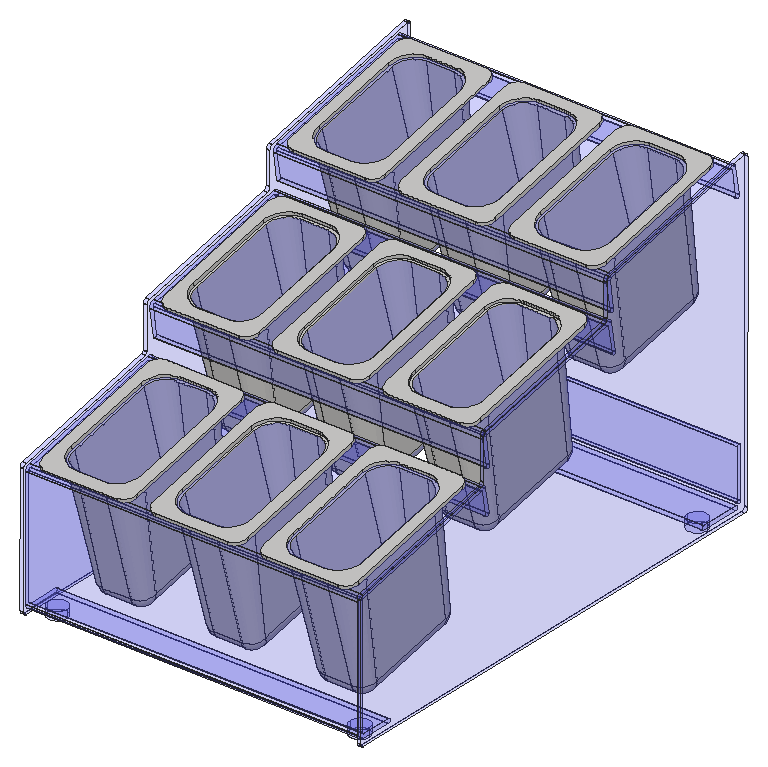
Revit family "QF_Vollrath_CTCPAN9-9", category Specialty Equipment, Revit 2016
Family settings
  Part Type = Normal
  Round Connector Dimension = Use Diameter
  OmniClass Number = 23.40.40.14.24
  OmniClass Title = Food Dispensing Equipment
  Work Plane-Based = Yes
  Always vertical = Yes
  Cut with Voids When Loaded = No
  Shared = No
  Room Calculation Point = No
Parameters
  Weight in Pounds = 0
  Watermarked By = ""
  URL Cutsheet = ""
  URL = "www.vollrath.com"
  Specification by User [instance] = ""
  Specification by Manufacturer [instance] = ""
  Serial Number [instance] = ""
  Revision Code [instance] = ""
  NAFEM Spec ID Number [instance] = ""
  Model = "CTCPAN9-9"
  Material = QF_Glass-Cast-Clear
  Masterspec [instance] = ""
  Manufacturer = "Vollrath"
  Item Number [instance] = "-"
  Installed By [instance] = ""
  Furnished By [instance] = ""
  Foodservice Equipment Identifier = yes
  Description = "Condiment Organizer"
  Default Elevation = 48.000"
  CSI MasterFormat = ""
Reference planes (in)
  plane 1 "BACK": y = 0
  plane 2 "BOTTOM": z = 0
  plane 3 "LEFT": x = -16.56573
  plane 4 "FRONT": y = -21.8794
  plane 5 "TOP": z = 14.8291
  plane 6 "Triangle Bottom": z = 0.2075
  plane 7: z = 0.3975
  plane 8: x = -16.39573
  plane 9: z = 0.275
  plane 10: z = 0.5875
  plane 11: z = 1.04309
  plane 12: z = 3.04309
  plane 13: y = -0.1875
  plane 14: y = -0.375
  plane 15: y = -14.24655
  plane 16: y = -2.27854
  plane 17: y = -1.09104
  plane 18: z = 6.3341
  plane 19: z = 10.1934
  plane 20: through (-240, -21.9016, 10.1934) normal (0, 0.2071, -0.9783)
  plane 21: through (-240, -21.9016, 6.3341) normal (0, 0.2071, -0.9783)
  plane 22: y = -7.9655
  plane 23: y = -14.9248
  plane 24: through (-240, -7.9655, 11.35443) normal (0, -0.2465, 0.9691)
  plane 25: y = -21.7544
  plane 26: y = -21.5644
  plane 27: y = -19.9966
  plane 28: through (-240, -21.97701, 6.19037) normal (0, 0.2071, -0.9783)
  plane 29: through (-240, -22.03896, 5.98305) normal (0, 0.2071, -0.9783)
  plane 30: through (-240, -14.20121, 5.00065) normal (0, 0.9877, 0.1564)
  plane 31: through (-240, -14.39121, 5.00065) normal (0, 0.9877, 0.1564)
  plane 32: through (-240, -21.76958, 4.71034) normal (0, 0.2071, -0.9783)
  plane 33: through (-240, 2.57276, 15.14135) normal (0, -0.2071, 0.9783)
  plane 34: through (-240, 2.6121, 14.95546) normal (0, -0.2071, 0.9783)
  plane 35: through (-240, -0.08634, 11.76963) normal (0, 0.9877, 0.1564)
  plane 36: through (-240, -7.43227, 10.60615) normal (0, 0.9877, 0.1564)
  plane 37: through (-240, -0.274, 11.7399) normal (0, 0.9877, 0.1564)
  plane 38: through (-240, -7.24461, 10.63587) normal (0, 0.9877, 0.1564)
  plane 39: through (-240, 1.32756, 13.35386) normal (0, -0.2071, 0.9783)
  plane 40: x = -1.32573
  plane 41: x = -1.15573
Forms (in)
  Extrusion 1, solid, material "QF_Glass-Cast-Clear" <- "Material"
    sketch origin (0.53647, -3.61051, 0) x (1, 0, 0) y (0, 1, 0)
      loop
        circle (-16.29667, -17.15787) r 0.44
      loop
        circle (-16.28904, 1.9024) r 0.44
      loop
        circle (-2.62587, -17.15828) r 0.44
      loop
        circle (-2.6172, 1.90184) r 0.44
    from 0 to 0.3975
  Extrusion 2, solid, material "QF_Glass-Cast-Clear"
    sketch origin (-16.56573, -0.00474, -0.01119) x (0, 1, 0) y (0, 0, 1)
      loop
        line (-0.36874, 2.95028) -> (-0.36874, 0.69038)
        arc (-0.36874, 0.69038) -> (-0.27499, 0.59663) -> (-0.18124, 0.69038) r 0.09375
        line (-0.18124, 0.69038) -> (-0.18124, 2.95028)
        arc (-0.18124, 2.95028) -> (-0.27499, 3.04403) -> (-0.36874, 2.95028) r 0.09375
      loop
        line (-0.45568, 0.59619) -> (-2.27854, 0.59619)
        arc (-2.27854, 0.59619) -> (-2.37229, 0.50244) -> (-2.27854, 0.40869) r 0.09375
        line (-2.27854, 0.40869) -> (-0.45568, 0.40869)
        arc (-0.45568, 0.40869) -> (-0.36193, 0.50244) -> (-0.45568, 0.59619) r 0.09375
    from 0 to 15.24
  Extrusion 3, solid, material "QF_Glass-Cast-Clear"
    sketch origin (-16.56573, 0, 0) x (0, 1, 0) y (0, 0, 1)
      loop
        arc (0, 14.60426) -> (-0.06296, 14.73633) -> (-0.2052, 14.77058) r 0.17
        line (-0.2052, 14.77058) -> (-7.8307, 13.15656)
        arc (-7.8307, 13.15656) -> (-7.92757, 13.09729) -> (-7.9655, 12.99024) r 0.17
        line (-7.9655, 12.99024) -> (-7.9655, 11.51334)
        arc (-7.9655, 11.51334) -> (-8.00343, 11.4063) -> (-8.1003, 11.34703) r 0.17
        line (-8.1003, 11.34703) -> (-14.77521, 9.93421)
        arc (-14.77521, 9.93421) -> (-14.87207, 9.87494) -> (-14.91, 9.7679) r 0.17
        line (-14.91, 9.7679) -> (-14.91, 7.8641)
        arc (-14.91, 7.8641) -> (-14.95696, 7.81374) -> (-15.02004, 7.78614) r 0.17
        line (-15.02004, 7.78614) -> (-21.74547, 6.36263)
        arc (-21.74547, 6.36263) -> (-21.84234, 6.30336) -> (-21.88027, 6.19632) r 0.17
        line (-21.88027, 6.19632) -> (-21.88027, 0.3775)
        arc (-21.88027, 0.3775) -> (-21.83047, 0.25729) -> (-21.71027, 0.2075) r 0.17
        line (-21.71027, 0.2075) -> (-0.17, 0.2075)
        arc (-0.17, 0.2075) -> (-0.04979, 0.25729) -> (0, 0.3775) r 0.17
        line (0, 0.3775) -> (0, 14.60426)
    from 0 to 0.17
  Extrusion 4, solid, material "QF_Glass-Cast-Clear"
    sketch origin (-10.67573, 0, 0) x (0, 1, 0) y (0, 0, 1)
      loop
        arc (0, 14.60426) -> (-0.06296, 14.73633) -> (-0.2052, 14.77058) r 0.17
        line (-0.2052, 14.77058) -> (-7.8307, 13.15656)
        arc (-7.8307, 13.15656) -> (-7.92757, 13.09729) -> (-7.9655, 12.99024) r 0.17
        line (-7.9655, 12.99024) -> (-7.9655, 11.51334)
        arc (-7.9655, 11.51334) -> (-8.00343, 11.4063) -> (-8.1003, 11.34703) r 0.17
        line (-8.1003, 11.34703) -> (-14.79, 9.93108)
        arc (-14.79, 9.93108) -> (-14.88687, 9.87181) -> (-14.9248, 9.76477) r 0.17
        line (-14.9248, 9.76477) -> (-14.9248, 7.9486)
        arc (-14.9248, 7.9486) -> (-14.96273, 7.84155) -> (-15.0596, 7.78228) r 0.17
        line (-15.0596, 7.78228) -> (-21.7446, 6.36733)
        arc (-21.7446, 6.36733) -> (-21.84147, 6.30806) -> (-21.8794, 6.20101) r 0.17
        line (-21.8794, 6.20101) -> (-21.8794, 0.3775)
        arc (-21.8794, 0.3775) -> (-21.82961, 0.25729) -> (-21.7094, 0.2075) r 0.17
        line (-21.7094, 0.2075) -> (-0.17, 0.2075)
        arc (-0.17, 0.2075) -> (-0.04979, 0.25729) -> (0, 0.3775) r 0.17
        line (0, 0.3775) -> (0, 14.60426)
    from 9.35 to 9.52
  Extrusion 5, solid, material "QF_Glass-Cast-Clear"
    sketch origin (-16.56573, 0, 0) x (0, 1, 0) y (0, 0, 1)
      loop
        arc (-14.60997, 6.38185) -> (-14.50788, 6.32391) -> (-14.42376, 6.40577) r 0.09775
        line (-14.42376, 6.40577) -> (-14.59457, 7.48424)
        arc (-14.59457, 7.48424) -> (-14.69981, 7.65111) -> (-14.89326, 7.68972) r 0.25
        line (-14.89326, 7.68972) -> (-21.57837, 6.27475)
        arc (-21.57837, 6.27475) -> (-21.72082, 6.18758) -> (-21.7766, 6.03016) r 0.25
        line (-21.7766, 6.03016) -> (-21.7766, 0.6475)
        arc (-21.7766, 0.6475) -> (-21.70338, 0.47072) -> (-21.5266, 0.3975) r 0.25
        line (-21.5266, 0.3975) -> (-20.08204, 0.3975)
        arc (-20.08204, 0.3975) -> (-19.98704, 0.4925) -> (-20.08204, 0.5875) r 0.095
        line (-20.08204, 0.5875) -> (-21.5066, 0.5875)
        arc (-21.5066, 0.5875) -> (-21.56317, 0.61093) -> (-21.5866, 0.6675) r 0.08
        line (-21.5866, 0.6675) -> (-21.5866, 6.01395)
        arc (-21.5866, 6.01395) -> (-21.56875, 6.06433) -> (-21.52317, 6.09222) r 0.08
        line (-21.52317, 6.09222) -> (-14.87223, 7.49996)
        arc (-14.87223, 7.49996) -> (-14.81032, 7.4876) -> (-14.77665, 7.43421) r 0.08
        line (-14.77665, 7.43421) -> (-14.60997, 6.38185)
    from 0.17 to 15.24
  Extrusion 6, solid, material "QF_Glass-Cast-Clear"
    sketch origin (-16.56573, 0, 0) x (0, 1, 0) y (0, 0, 1)
      loop
        line (-0.28117, 13.09922) -> (-0.47561, 14.32687)
        arc (-0.47561, 14.32687) -> (-0.58085, 14.49373) -> (-0.7743, 14.53234) r 0.25
        line (-0.7743, 14.53234) -> (-7.57045, 13.09386)
        arc (-7.57045, 13.09386) -> (-7.72465, 12.99097) -> (-7.7656, 12.81017) r 0.25
        line (-7.7656, 12.81017) -> (-7.56921, 11.5702)
        arc (-7.56921, 11.5702) -> (-7.45744, 11.5015) -> (-7.38308, 11.60959) r 0.09525
        line (-7.38308, 11.60959) -> (-7.57497, 12.82113)
        arc (-7.57497, 12.82113) -> (-7.56187, 12.87899) -> (-7.51252, 12.91192) r 0.08
        line (-7.51252, 12.91192) -> (-0.75556, 14.3421)
        arc (-0.75556, 14.3421) -> (-0.69365, 14.32974) -> (-0.65998, 14.27634) r 0.08
        line (-0.65998, 14.27634) -> (-0.46883, 13.0695)
        arc (-0.46883, 13.0695) -> (-0.36014, 12.99053) -> (-0.28117, 13.09922) r 0.095
    from 0.17 to 15.24
  Extrusion 7, solid, material "QF_Glass-Cast-Clear"
    sketch origin (-16.56573, -7, -3.25) x (0, 1, 0) y (0, 0, 1)
      loop
        line (-0.28117, 13.0951) -> (-0.47561, 14.32274)
        arc (-0.47561, 14.32274) -> (-0.58085, 14.4896) -> (-0.7743, 14.52821) r 0.25
        line (-0.7743, 14.52821) -> (-7.57045, 13.08974)
        arc (-7.57045, 13.08974) -> (-7.72465, 12.98685) -> (-7.7656, 12.80605) r 0.25
        line (-7.7656, 12.80605) -> (-7.56921, 11.56607)
        arc (-7.56921, 11.56607) -> (-7.45744, 11.49738) -> (-7.38308, 11.60546) r 0.09525
        line (-7.38308, 11.60546) -> (-7.57497, 12.81701)
        arc (-7.57497, 12.81701) -> (-7.56187, 12.87486) -> (-7.51252, 12.90779) r 0.08
        line (-7.51252, 12.90779) -> (-0.75556, 14.33797)
        arc (-0.75556, 14.33797) -> (-0.69365, 14.32561) -> (-0.65998, 14.27222) r 0.08
        line (-0.65998, 14.27222) -> (-0.46883, 13.06538)
        arc (-0.46883, 13.06538) -> (-0.36014, 12.98641) -> (-0.28117, 13.0951) r 0.095
    from 0.17 to 15.24
Lines and regions (in)
  symbolic lines
    curve 1: line (-16.56573, 0, 14.8291) -> (-16.39573, 0, 14.8291)
    curve 2: line (-16.56573, -21.8794, 14.8291) -> (-16.56573, 0, 14.8291)
    curve 3: line (-16.39573, -21.8794, 14.8291) -> (-16.56573, -21.8794, 14.8291)
    curve 4: line (-16.39573, 0, 14.8291) -> (-16.39573, -21.8794, 14.8291)
    curve 5: line (-16.56573, 0, 14.8291) -> (-16.39573, 0, 14.8291)
    curve 6: line (-16.56573, -21.8794, 14.8291) -> (-16.56573, 0, 14.8291)
    curve 7: line (-16.39573, -21.8794, 14.8291) -> (-16.56573, -21.8794, 14.8291)
    curve 8: line (-16.39573, 0, 14.8291) -> (-16.39573, -21.8794, 14.8291)
    curve 9: line (-1.32573, 0, 14.8291) -> (-1.15573, 0, 14.8291)
    curve 10: line (-1.32573, -21.8794, 14.8291) -> (-1.32573, 0, 14.8291)
    curve 11: line (-1.15573, -21.8794, 14.8291) -> (-1.32573, -21.8794, 14.8291)
    curve 12: line (-1.15573, 0, 14.8291) -> (-1.15573, -21.8794, 14.8291)
    curve 13: line (-16.39573, -0.17, 14.8291) -> (-1.32573, -0.17, 14.8291)
    curve 14: line (-16.39573, -0.375, 14.8291) -> (-1.32573, -0.375, 14.8291)
    curve 15: line (-16.39573, -7.38308, 14.8291) -> (-1.32573, -7.38308, 14.8291)
    curve 16: line (-16.39573, -7.57497, 14.8291) -> (-1.32573, -7.57497, 14.8291)
    curve 17: line (-16.39573, -14.42376, 14.8291) -> (-1.32573, -14.42376, 14.8291)
    curve 18: line (-16.39573, -14.60997, 14.8291) -> (-1.32573, -14.60997, 14.8291)
    curve 19: line (-16.39573, -21.5866, 14.8291) -> (-1.32573, -21.5866, 14.8291)
    curve 20: line (-1.32573, -21.7766, 14.8291) -> (-16.39573, -21.7766, 14.8291)
    curve 21: line (-13.31573, -15.46173, 14.8291) -> (-14.56573, -15.46173, 14.8291)
    curve 22: spline (-12.44073, -16.31761, 14.8291) -> (-12.44821, -16.2059, 14.8291) -> (-12.47054, -16.0961, 14.8291) -> (-12.50733, -15.99008, 14.8291) -> (-12.55795, -15.88967, 14.8291) -> (-12.62154, -15.79659, 14.8291) -> (-12.69701, -15.71242, 14.8291) -> (-12.78306, -15.6386, 14.8291) -> (-12.87823, -15.5764, 14.8291) -> (-12.98088, -15.52688, 14.8291) -> (-13.08926, -15.4909, 14.8291) -> (-13.20151, -15.46906, 14.8291) -> (-13.31573, -15.46173, 14.8291)
    curve 23: line (-12.44073, -16.31761, 14.8291) -> (-12.44073, -20.2302, 14.8291)
    curve 24: spline (-13.31573, -21.08608, 14.8291) -> (-13.20151, -21.07876, 14.8291) -> (-13.08926, -21.05692, 14.8291) -> (-12.98088, -21.02093, 14.8291) -> (-12.87823, -20.97142, 14.8291) -> (-12.78306, -20.90922, 14.8291) -> (-12.69701, -20.8354, 14.8291) -> (-12.62154, -20.75123, 14.8291) -> (-12.55795, -20.65814, 14.8291) -> (-12.50733, -20.55773, 14.8291) -> (-12.47054, -20.45172, 14.8291) -> (-12.44821, -20.34192, 14.8291) -> (-12.44073, -20.2302, 14.8291)
    curve 25: line (-14.56573, -21.08608, 14.8291) -> (-13.31573, -21.08608, 14.8291)
    curve 26: spline (-15.44073, -20.2302, 14.8291) -> (-15.43324, -20.34192, 14.8291) -> (-15.41091, -20.45172, 14.8291) -> (-15.37412, -20.55773, 14.8291) -> (-15.3235, -20.65814, 14.8291) -> (-15.25991, -20.75123, 14.8291) -> (-15.18444, -20.8354, 14.8291) -> (-15.09839, -20.90922, 14.8291) -> (-15.00323, -20.97142, 14.8291) -> (-14.90057, -21.02093, 14.8291) -> (-14.79219, -21.05692, 14.8291) -> (-14.67994, -21.07876, 14.8291) -> (-14.56573, -21.08608, 14.8291)
    curve 27: line (-15.44073, -16.31761, 14.8291) -> (-15.44073, -20.2302, 14.8291)
    curve 28: spline (-14.56573, -15.46173, 14.8291) -> (-14.67994, -15.46906, 14.8291) -> (-14.79219, -15.4909, 14.8291) -> (-14.90057, -15.52688, 14.8291) -> (-15.00323, -15.5764, 14.8291) -> (-15.09839, -15.6386, 14.8291) -> (-15.18444, -15.71242, 14.8291) -> (-15.25991, -15.79659, 14.8291) -> (-15.3235, -15.88967, 14.8291) -> (-15.37412, -15.99008, 14.8291) -> (-15.41091, -16.0961, 14.8291) -> (-15.43324, -16.2059, 14.8291) -> (-15.44073, -16.31761, 14.8291)
    curve 29: line (-8.31573, -15.46173, 14.8291) -> (-9.56573, -15.46173, 14.8291)
    curve 30: spline (-7.44073, -16.31761, 14.8291) -> (-7.44821, -16.2059, 14.8291) -> (-7.47054, -16.0961, 14.8291) -> (-7.50733, -15.99008, 14.8291) -> (-7.55795, -15.88967, 14.8291) -> (-7.62154, -15.79659, 14.8291) -> (-7.69701, -15.71242, 14.8291) -> (-7.78306, -15.6386, 14.8291) -> (-7.87823, -15.5764, 14.8291) -> (-7.98088, -15.52688, 14.8291) -> (-8.08926, -15.4909, 14.8291) -> (-8.20151, -15.46906, 14.8291) -> (-8.31573, -15.46173, 14.8291)
    curve 31: line (-7.44073, -16.31761, 14.8291) -> (-7.44073, -20.2302, 14.8291)
    curve 32: spline (-8.31573, -21.08608, 14.8291) -> (-8.20151, -21.07876, 14.8291) -> (-8.08926, -21.05692, 14.8291) -> (-7.98088, -21.02093, 14.8291) -> (-7.87823, -20.97142, 14.8291) -> (-7.78306, -20.90922, 14.8291) -> (-7.69701, -20.8354, 14.8291) -> (-7.62154, -20.75123, 14.8291) -> (-7.55795, -20.65814, 14.8291) -> (-7.50733, -20.55773, 14.8291) -> (-7.47054, -20.45172, 14.8291) -> (-7.44821, -20.34192, 14.8291) -> (-7.44073, -20.2302, 14.8291)
    curve 33: line (-9.56573, -21.08608, 14.8291) -> (-8.31573, -21.08608, 14.8291)
    curve 34: spline (-10.44073, -20.2302, 14.8291) -> (-10.43324, -20.34192, 14.8291) -> (-10.41091, -20.45172, 14.8291) -> (-10.37412, -20.55773, 14.8291) -> (-10.3235, -20.65814, 14.8291) -> (-10.25991, -20.75123, 14.8291) -> (-10.18444, -20.8354, 14.8291) -> (-10.09839, -20.90922, 14.8291) -> (-10.00323, -20.97142, 14.8291) -> (-9.90057, -21.02093, 14.8291) -> (-9.79219, -21.05692, 14.8291) -> (-9.67994, -21.07876, 14.8291) -> (-9.56573, -21.08608, 14.8291)
    curve 35: line (-10.44073, -16.31761, 14.8291) -> (-10.44073, -20.2302, 14.8291)
    curve 36: spline (-9.56573, -15.46173, 14.8291) -> (-9.67994, -15.46906, 14.8291) -> (-9.79219, -15.4909, 14.8291) -> (-9.90057, -15.52688, 14.8291) -> (-10.00323, -15.5764, 14.8291) -> (-10.09839, -15.6386, 14.8291) -> (-10.18444, -15.71242, 14.8291) -> (-10.25991, -15.79659, 14.8291) -> (-10.3235, -15.88967, 14.8291) -> (-10.37412, -15.99008, 14.8291) -> (-10.41091, -16.0961, 14.8291) -> (-10.43324, -16.2059, 14.8291) -> (-10.44073, -16.31761, 14.8291)
    curve 37: line (-3.31573, -15.46173, 14.8291) -> (-4.56573, -15.46173, 14.8291)
    curve 38: spline (-2.44073, -16.31761, 14.8291) -> (-2.44821, -16.2059, 14.8291) -> (-2.47054, -16.0961, 14.8291) -> (-2.50733, -15.99008, 14.8291) -> (-2.55795, -15.88967, 14.8291) -> (-2.62154, -15.79659, 14.8291) -> (-2.69701, -15.71242, 14.8291) -> (-2.78306, -15.6386, 14.8291) -> (-2.87823, -15.5764, 14.8291) -> (-2.98088, -15.52688, 14.8291) -> (-3.08926, -15.4909, 14.8291) -> (-3.20151, -15.46906, 14.8291) -> (-3.31573, -15.46173, 14.8291)
    curve 39: line (-2.44073, -16.31761, 14.8291) -> (-2.44073, -20.2302, 14.8291)
    curve 40: spline (-3.31573, -21.08608, 14.8291) -> (-3.20151, -21.07876, 14.8291) -> (-3.08926, -21.05692, 14.8291) -> (-2.98088, -21.02093, 14.8291) -> (-2.87823, -20.97142, 14.8291) -> (-2.78306, -20.90922, 14.8291) -> (-2.69701, -20.8354, 14.8291) -> (-2.62154, -20.75123, 14.8291) -> (-2.55795, -20.65814, 14.8291) -> (-2.50733, -20.55773, 14.8291) -> (-2.47054, -20.45172, 14.8291) -> (-2.44821, -20.34192, 14.8291) -> (-2.44073, -20.2302, 14.8291)
    curve 41: line (-4.56573, -21.08608, 14.8291) -> (-3.31573, -21.08608, 14.8291)
    curve 42: spline (-5.44073, -20.2302, 14.8291) -> (-5.43324, -20.34192, 14.8291) -> (-5.41091, -20.45172, 14.8291) -> (-5.37412, -20.55773, 14.8291) -> (-5.3235, -20.65814, 14.8291) -> (-5.25991, -20.75123, 14.8291) -> (-5.18444, -20.8354, 14.8291) -> (-5.09839, -20.90922, 14.8291) -> (-5.00323, -20.97142, 14.8291) -> (-4.90057, -21.02093, 14.8291) -> (-4.79219, -21.05692, 14.8291) -> (-4.67994, -21.07876, 14.8291) -> (-4.56573, -21.08608, 14.8291)
    curve 43: line (-5.44073, -16.31761, 14.8291) -> (-5.44073, -20.2302, 14.8291)
    curve 44: spline (-4.56573, -15.46173, 14.8291) -> (-4.67994, -15.46906, 14.8291) -> (-4.79219, -15.4909, 14.8291) -> (-4.90057, -15.52688, 14.8291) -> (-5.00323, -15.5764, 14.8291) -> (-5.09839, -15.6386, 14.8291) -> (-5.18444, -15.71242, 14.8291) -> (-5.25991, -15.79659, 14.8291) -> (-5.3235, -15.88967, 14.8291) -> (-5.37412, -15.99008, 14.8291) -> (-5.41091, -16.0961, 14.8291) -> (-5.43324, -16.2059, 14.8291) -> (-5.44073, -16.31761, 14.8291)
    curve 45: line (-13.31573, -8.5649, 14.8291) -> (-14.56573, -8.5649, 14.8291)
    curve 46: spline (-12.44073, -9.42078, 14.8291) -> (-12.44821, -9.30906, 14.8291) -> (-12.47054, -9.19926, 14.8291) -> (-12.50733, -9.09325, 14.8291) -> (-12.55795, -8.99284, 14.8291) -> (-12.62154, -8.89975, 14.8291) -> (-12.69701, -8.81558, 14.8291) -> (-12.78306, -8.74176, 14.8291) -> (-12.87823, -8.67956, 14.8291) -> (-12.98088, -8.63005, 14.8291) -> (-13.08926, -8.59406, 14.8291) -> (-13.20151, -8.57222, 14.8291) -> (-13.31573, -8.5649, 14.8291)
    curve 47: line (-12.44073, -9.42078, 14.8291) -> (-12.44073, -13.33337, 14.8291)
    curve 48: spline (-13.31573, -14.18925, 14.8291) -> (-13.20151, -14.18192, 14.8291) -> (-13.08926, -14.16008, 14.8291) -> (-12.98088, -14.1241, 14.8291) -> (-12.87823, -14.07458, 14.8291) -> (-12.78306, -14.01238, 14.8291) -> (-12.69701, -13.93856, 14.8291) -> (-12.62154, -13.85439, 14.8291) -> (-12.55795, -13.76131, 14.8291) -> (-12.50733, -13.6609, 14.8291) -> (-12.47054, -13.55488, 14.8291) -> (-12.44821, -13.44508, 14.8291) -> (-12.44073, -13.33337, 14.8291)
    curve 49: line (-14.56573, -14.18925, 14.8291) -> (-13.31573, -14.18925, 14.8291)
    curve 50: spline (-15.44073, -13.33337, 14.8291) -> (-15.43324, -13.44508, 14.8291) -> (-15.41091, -13.55488, 14.8291) -> (-15.37412, -13.6609, 14.8291) -> (-15.3235, -13.76131, 14.8291) -> (-15.25991, -13.85439, 14.8291) -> (-15.18444, -13.93856, 14.8291) -> (-15.09839, -14.01238, 14.8291) -> (-15.00323, -14.07458, 14.8291) -> (-14.90057, -14.1241, 14.8291) -> (-14.79219, -14.16008, 14.8291) -> (-14.67994, -14.18192, 14.8291) -> (-14.56573, -14.18925, 14.8291)
    curve 51: line (-15.44073, -9.42078, 14.8291) -> (-15.44073, -13.33337, 14.8291)
    curve 52: spline (-14.56573, -8.5649, 14.8291) -> (-14.67994, -8.57222, 14.8291) -> (-14.79219, -8.59406, 14.8291) -> (-14.90057, -8.63005, 14.8291) -> (-15.00323, -8.67956, 14.8291) -> (-15.09839, -8.74176, 14.8291) -> (-15.18444, -8.81558, 14.8291) -> (-15.25991, -8.89975, 14.8291) -> (-15.3235, -8.99284, 14.8291) -> (-15.37412, -9.09325, 14.8291) -> (-15.41091, -9.19926, 14.8291) -> (-15.43324, -9.30906, 14.8291) -> (-15.44073, -9.42078, 14.8291)
    curve 53: line (-8.31573, -8.5649, 14.8291) -> (-9.56573, -8.5649, 14.8291)
    curve 54: spline (-7.44073, -9.42078, 14.8291) -> (-7.44821, -9.30906, 14.8291) -> (-7.47054, -9.19926, 14.8291) -> (-7.50733, -9.09325, 14.8291) -> (-7.55795, -8.99284, 14.8291) -> (-7.62154, -8.89975, 14.8291) -> (-7.69701, -8.81558, 14.8291) -> (-7.78306, -8.74176, 14.8291) -> (-7.87823, -8.67956, 14.8291) -> (-7.98088, -8.63005, 14.8291) -> (-8.08926, -8.59406, 14.8291) -> (-8.20151, -8.57222, 14.8291) -> (-8.31573, -8.5649, 14.8291)
    curve 55: line (-7.44073, -9.42078, 14.8291) -> (-7.44073, -13.33337, 14.8291)
    curve 56: spline (-8.31573, -14.18925, 14.8291) -> (-8.20151, -14.18192, 14.8291) -> (-8.08926, -14.16008, 14.8291) -> (-7.98088, -14.1241, 14.8291) -> (-7.87823, -14.07458, 14.8291) -> (-7.78306, -14.01238, 14.8291) -> (-7.69701, -13.93856, 14.8291) -> (-7.62154, -13.85439, 14.8291) -> (-7.55795, -13.76131, 14.8291) -> (-7.50733, -13.6609, 14.8291) -> (-7.47054, -13.55488, 14.8291) -> (-7.44821, -13.44508, 14.8291) -> (-7.44073, -13.33337, 14.8291)
    curve 57: line (-9.56573, -14.18925, 14.8291) -> (-8.31573, -14.18925, 14.8291)
    curve 58: spline (-10.44073, -13.33337, 14.8291) -> (-10.43324, -13.44508, 14.8291) -> (-10.41091, -13.55488, 14.8291) -> (-10.37412, -13.6609, 14.8291) -> (-10.3235, -13.76131, 14.8291) -> (-10.25991, -13.85439, 14.8291) -> (-10.18444, -13.93856, 14.8291) -> (-10.09839, -14.01238, 14.8291) -> (-10.00323, -14.07458, 14.8291) -> (-9.90057, -14.1241, 14.8291) -> (-9.79219, -14.16008, 14.8291) -> (-9.67994, -14.18192, 14.8291) -> (-9.56573, -14.18925, 14.8291)
    curve 59: line (-10.44073, -9.42078, 14.8291) -> (-10.44073, -13.33337, 14.8291)
    curve 60: spline (-9.56573, -8.5649, 14.8291) -> (-9.67994, -8.57222, 14.8291) -> (-9.79219, -8.59406, 14.8291) -> (-9.90057, -8.63005, 14.8291) -> (-10.00323, -8.67956, 14.8291) -> (-10.09839, -8.74176, 14.8291) -> (-10.18444, -8.81558, 14.8291) -> (-10.25991, -8.89975, 14.8291) -> (-10.3235, -8.99284, 14.8291) -> (-10.37412, -9.09325, 14.8291) -> (-10.41091, -9.19926, 14.8291) -> (-10.43324, -9.30906, 14.8291) -> (-10.44073, -9.42078, 14.8291)
    curve 61: line (-3.31573, -8.5649, 14.8291) -> (-4.56573, -8.5649, 14.8291)
    curve 62: spline (-2.44073, -9.42078, 14.8291) -> (-2.44821, -9.30906, 14.8291) -> (-2.47054, -9.19926, 14.8291) -> (-2.50733, -9.09325, 14.8291) -> (-2.55795, -8.99284, 14.8291) -> (-2.62154, -8.89975, 14.8291) -> (-2.69701, -8.81558, 14.8291) -> (-2.78306, -8.74176, 14.8291) -> (-2.87823, -8.67956, 14.8291) -> (-2.98088, -8.63005, 14.8291) -> (-3.08926, -8.59406, 14.8291) -> (-3.20151, -8.57222, 14.8291) -> (-3.31573, -8.5649, 14.8291)
    curve 63: line (-2.44073, -9.42078, 14.8291) -> (-2.44073, -13.33337, 14.8291)
    curve 64: spline (-3.31573, -14.18925, 14.8291) -> (-3.20151, -14.18192, 14.8291) -> (-3.08926, -14.16008, 14.8291) -> (-2.98088, -14.1241, 14.8291) -> (-2.87823, -14.07458, 14.8291) -> (-2.78306, -14.01238, 14.8291) -> (-2.69701, -13.93856, 14.8291) -> (-2.62154, -13.85439, 14.8291) -> (-2.55795, -13.76131, 14.8291) -> (-2.50733, -13.6609, 14.8291) -> (-2.47054, -13.55488, 14.8291) -> (-2.44821, -13.44508, 14.8291) -> (-2.44073, -13.33337, 14.8291)
    curve 65: line (-4.56573, -14.18925, 14.8291) -> (-3.31573, -14.18925, 14.8291)
    curve 66: spline (-5.44073, -13.33337, 14.8291) -> (-5.43324, -13.44508, 14.8291) -> (-5.41091, -13.55488, 14.8291) -> (-5.37412, -13.6609, 14.8291) -> (-5.3235, -13.76131, 14.8291) -> (-5.25991, -13.85439, 14.8291) -> (-5.18444, -13.93856, 14.8291) -> (-5.09839, -14.01238, 14.8291) -> (-5.00323, -14.07458, 14.8291) -> (-4.90057, -14.1241, 14.8291) -> (-4.79219, -14.16008, 14.8291) -> (-4.67994, -14.18192, 14.8291) -> (-4.56573, -14.18925, 14.8291)
    curve 67: line (-5.44073, -9.42078, 14.8291) -> (-5.44073, -13.33337, 14.8291)
    curve 68: spline (-4.56573, -8.5649, 14.8291) -> (-4.67994, -8.57222, 14.8291) -> (-4.79219, -8.59406, 14.8291) -> (-4.90057, -8.63005, 14.8291) -> (-5.00323, -8.67956, 14.8291) -> (-5.09839, -8.74176, 14.8291) -> (-5.18444, -8.81558, 14.8291) -> (-5.25991, -8.89975, 14.8291) -> (-5.3235, -8.99284, 14.8291) -> (-5.37412, -9.09325, 14.8291) -> (-5.41091, -9.19926, 14.8291) -> (-5.43324, -9.30906, 14.8291) -> (-5.44073, -9.42078, 14.8291)
    curve 69: line (-13.31573, -1.45109, 14.8291) -> (-14.56573, -1.45109, 14.8291)
    curve 70: spline (-12.44073, -2.30697, 14.8291) -> (-12.44821, -2.19526, 14.8291) -> (-12.47054, -2.08545, 14.8291) -> (-12.50733, -1.97944, 14.8291) -> (-12.55795, -1.87903, 14.8291) -> (-12.62154, -1.78594, 14.8291) -> (-12.69701, -1.70177, 14.8291) -> (-12.78306, -1.62796, 14.8291) -> (-12.87823, -1.56576, 14.8291) -> (-12.98088, -1.51624, 14.8291) -> (-13.08926, -1.48026, 14.8291) -> (-13.20151, -1.45841, 14.8291) -> (-13.31573, -1.45109, 14.8291)
    curve 71: line (-12.44073, -2.30697, 14.8291) -> (-12.44073, -6.21956, 14.8291)
    curve 72: spline (-13.31573, -7.07544, 14.8291) -> (-13.20151, -7.06812, 14.8291) -> (-13.08926, -7.04628, 14.8291) -> (-12.98088, -7.01029, 14.8291) -> (-12.87823, -6.96077, 14.8291) -> (-12.78306, -6.89858, 14.8291) -> (-12.69701, -6.82476, 14.8291) -> (-12.62154, -6.74059, 14.8291) -> (-12.55795, -6.6475, 14.8291) -> (-12.50733, -6.54709, 14.8291) -> (-12.47054, -6.44108, 14.8291) -> (-12.44821, -6.33128, 14.8291) -> (-12.44073, -6.21956, 14.8291)
    curve 73: line (-14.56573, -7.07544, 14.8291) -> (-13.31573, -7.07544, 14.8291)
    curve 74: spline (-15.44073, -6.21956, 14.8291) -> (-15.43324, -6.33128, 14.8291) -> (-15.41091, -6.44108, 14.8291) -> (-15.37412, -6.54709, 14.8291) -> (-15.3235, -6.6475, 14.8291) -> (-15.25991, -6.74059, 14.8291) -> (-15.18444, -6.82476, 14.8291) -> (-15.09839, -6.89858, 14.8291) -> (-15.00323, -6.96077, 14.8291) -> (-14.90057, -7.01029, 14.8291) -> (-14.79219, -7.04628, 14.8291) -> (-14.67994, -7.06812, 14.8291) -> (-14.56573, -7.07544, 14.8291)
    curve 75: line (-15.44073, -2.30697, 14.8291) -> (-15.44073, -6.21956, 14.8291)
    curve 76: spline (-14.56573, -1.45109, 14.8291) -> (-14.67994, -1.45841, 14.8291) -> (-14.79219, -1.48026, 14.8291) -> (-14.90057, -1.51624, 14.8291) -> (-15.00323, -1.56576, 14.8291) -> (-15.09839, -1.62796, 14.8291) -> (-15.18444, -1.70177, 14.8291) -> (-15.25991, -1.78594, 14.8291) -> (-15.3235, -1.87903, 14.8291) -> (-15.37412, -1.97944, 14.8291) -> (-15.41091, -2.08545, 14.8291) -> (-15.43324, -2.19526, 14.8291) -> (-15.44073, -2.30697, 14.8291)
    curve 77: line (-8.31573, -1.45109, 14.8291) -> (-9.56573, -1.45109, 14.8291)
    curve 78: spline (-7.44073, -2.30697, 14.8291) -> (-7.44821, -2.19526, 14.8291) -> (-7.47054, -2.08545, 14.8291) -> (-7.50733, -1.97944, 14.8291) -> (-7.55795, -1.87903, 14.8291) -> (-7.62154, -1.78594, 14.8291) -> (-7.69701, -1.70177, 14.8291) -> (-7.78306, -1.62796, 14.8291) -> (-7.87823, -1.56576, 14.8291) -> (-7.98088, -1.51624, 14.8291) -> (-8.08926, -1.48026, 14.8291) -> (-8.20151, -1.45841, 14.8291) -> (-8.31573, -1.45109, 14.8291)
    curve 79: line (-7.44073, -2.30697, 14.8291) -> (-7.44073, -6.21956, 14.8291)
    curve 80: spline (-8.31573, -7.07544, 14.8291) -> (-8.20151, -7.06812, 14.8291) -> (-8.08926, -7.04628, 14.8291) -> (-7.98088, -7.01029, 14.8291) -> (-7.87823, -6.96077, 14.8291) -> (-7.78306, -6.89858, 14.8291) -> (-7.69701, -6.82476, 14.8291) -> (-7.62154, -6.74059, 14.8291) -> (-7.55795, -6.6475, 14.8291) -> (-7.50733, -6.54709, 14.8291) -> (-7.47054, -6.44108, 14.8291) -> (-7.44821, -6.33128, 14.8291) -> (-7.44073, -6.21956, 14.8291)
    curve 81: line (-9.56573, -7.07544, 14.8291) -> (-8.31573, -7.07544, 14.8291)
    curve 82: spline (-10.44073, -6.21956, 14.8291) -> (-10.43324, -6.33128, 14.8291) -> (-10.41091, -6.44108, 14.8291) -> (-10.37412, -6.54709, 14.8291) -> (-10.3235, -6.6475, 14.8291) -> (-10.25991, -6.74059, 14.8291) -> (-10.18444, -6.82476, 14.8291) -> (-10.09839, -6.89858, 14.8291) -> (-10.00323, -6.96077, 14.8291) -> (-9.90057, -7.01029, 14.8291) -> (-9.79219, -7.04628, 14.8291) -> (-9.67994, -7.06812, 14.8291) -> (-9.56573, -7.07544, 14.8291)
    curve 83: line (-10.44073, -2.30697, 14.8291) -> (-10.44073, -6.21956, 14.8291)
    curve 84: spline (-9.56573, -1.45109, 14.8291) -> (-9.67994, -1.45841, 14.8291) -> (-9.79219, -1.48026, 14.8291) -> (-9.90057, -1.51624, 14.8291) -> (-10.00323, -1.56576, 14.8291) -> (-10.09839, -1.62796, 14.8291) -> (-10.18444, -1.70177, 14.8291) -> (-10.25991, -1.78594, 14.8291) -> (-10.3235, -1.87903, 14.8291) -> (-10.37412, -1.97944, 14.8291) -> (-10.41091, -2.08545, 14.8291) -> (-10.43324, -2.19526, 14.8291) -> (-10.44073, -2.30697, 14.8291)
    curve 85: line (-3.31573, -1.45109, 14.8291) -> (-4.56573, -1.45109, 14.8291)
    curve 86: spline (-2.44073, -2.30697, 14.8291) -> (-2.44821, -2.19526, 14.8291) -> (-2.47054, -2.08545, 14.8291) -> (-2.50733, -1.97944, 14.8291) -> (-2.55795, -1.87903, 14.8291) -> (-2.62154, -1.78594, 14.8291) -> (-2.69701, -1.70177, 14.8291) -> (-2.78306, -1.62796, 14.8291) -> (-2.87823, -1.56576, 14.8291) -> (-2.98088, -1.51624, 14.8291) -> (-3.08926, -1.48026, 14.8291) -> (-3.20151, -1.45841, 14.8291) -> (-3.31573, -1.45109, 14.8291)
    curve 87: line (-2.44073, -2.30697, 14.8291) -> (-2.44073, -6.21956, 14.8291)
    curve 88: spline (-3.31573, -7.07544, 14.8291) -> (-3.20151, -7.06812, 14.8291) -> (-3.08926, -7.04628, 14.8291) -> (-2.98088, -7.01029, 14.8291) -> (-2.87823, -6.96077, 14.8291) -> (-2.78306, -6.89858, 14.8291) -> (-2.69701, -6.82476, 14.8291) -> (-2.62154, -6.74059, 14.8291) -> (-2.55795, -6.6475, 14.8291) -> (-2.50733, -6.54709, 14.8291) -> (-2.47054, -6.44108, 14.8291) -> (-2.44821, -6.33128, 14.8291) -> (-2.44073, -6.21956, 14.8291)
    curve 89: line (-4.56573, -7.07544, 14.8291) -> (-3.31573, -7.07544, 14.8291)
    curve 90: spline (-5.44073, -6.21956, 14.8291) -> (-5.43324, -6.33128, 14.8291) -> (-5.41091, -6.44108, 14.8291) -> (-5.37412, -6.54709, 14.8291) -> (-5.3235, -6.6475, 14.8291) -> (-5.25991, -6.74059, 14.8291) -> (-5.18444, -6.82476, 14.8291) -> (-5.09839, -6.89858, 14.8291) -> (-5.00323, -6.96077, 14.8291) -> (-4.90057, -7.01029, 14.8291) -> (-4.79219, -7.04628, 14.8291) -> (-4.67994, -7.06812, 14.8291) -> (-4.56573, -7.07544, 14.8291)
    curve 91: line (-5.44073, -2.30697, 14.8291) -> (-5.44073, -6.21956, 14.8291)
    curve 92: spline (-4.56573, -1.45109, 14.8291) -> (-4.67994, -1.45841, 14.8291) -> (-4.79219, -1.48026, 14.8291) -> (-4.90057, -1.51624, 14.8291) -> (-5.00323, -1.56576, 14.8291) -> (-5.09839, -1.62796, 14.8291) -> (-5.18444, -1.70177, 14.8291) -> (-5.25991, -1.78594, 14.8291) -> (-5.3235, -1.87903, 14.8291) -> (-5.37412, -1.97944, 14.8291) -> (-5.41091, -2.08545, 14.8291) -> (-5.43324, -2.19526, 14.8291) -> (-5.44073, -2.30697, 14.8291)
Dimensions and locks (in)
  plane 4 "FRONT" to plane 1 "BACK" = 21.8794"
  plane 6 "Triangle Bottom" to level = 0.2075"
  plane 7 to plane 6 "Triangle Bottom" = 0.190"
  locked: plane 3 "LEFT" to plane 8 at 0.17
  plane 5 "TOP" to plane 6 "Triangle Bottom" = 14.6216"
  locked: plane 1 "BACK" to plane 13 at 0.1875
  locked: plane 13 to plane 14 at 0.1875
  plane 18 to plane 6 "Triangle Bottom" = 6.1266"
  plane 19 to plane 7 = 9.7959"
  plane 1 "BACK" to plane 22 = 7.9655"
  plane 22 to plane 23 = 6.9593"
  locked: plane 25 to plane 4 "FRONT" at 0.125
  locked: plane 26 to plane 25 at 0.19
  locked: plane 28 to plane 21 at 0.125
  locked: plane 29 to plane 28 at 0.19
  plane 32 to plane 28 = 1.4909"
  Extrusion 3 to plane 33 = 0.21251"
  plane 33 to plane 34 = 0.190"
  plane 33 to plane 39 = 1.4909"
  locked: plane 40 to plane 41 at 0.17
  plane 3 "LEFT" to plane 41 = 15.410"
  aligned and locked: level to plane 2 "BOTTOM"
  aligned and locked: plane 7 to Extrusion 1
  aligned and locked: Extrusion 5 to plane 8
  aligned and locked: Extrusion 5 to Extrusion 4
  aligned and locked: Extrusion 6 to plane 8
  aligned and locked: Extrusion 6 to Extrusion 2
  aligned and locked: Extrusion 4 to plane 41
  aligned and locked: plane 40 to Extrusion 4
  aligned and locked: Extrusion 7 to Extrusion 2
  aligned and locked: Extrusion 5 to Extrusion 6
  aligned and locked: curve 1 to Extrusion 3
  aligned and locked: curve 2 to Extrusion 3
  aligned and locked: plane 4 "FRONT" to curve 3
  aligned and locked: curve 4 to Extrusion 3
  aligned and locked: Extrusion 4 to plane 4 "FRONT"
  aligned and locked: curve 5 to curve 1
  aligned and locked: curve 6 to curve 2
  aligned and locked: curve 7 to curve 3
  aligned and locked: curve 8 to curve 4
  aligned and locked: curve 9 to Extrusion 4
  aligned and locked: curve 10 to Extrusion 4
  aligned and locked: curve 11 to Extrusion 4
  aligned and locked: curve 12 to Extrusion 4
Nested families (in)
  nested 1: "QF_Food Pan_1_NinthCTCPan9-9" at (-11.81573, -31.26315, 6.24341) x (0, -1, 0) z (0, 0, 1), type "QF_Food Pan_1_NinthCTCPan9-9"
    with Specification by User "", Specification by Manufacturer "", Serial Number "", Revision Code "", NAFEM Spec ID Number "", Masterspec "", Item Number "-", Installed By "", Furnished By ""
  nested 2: "QF_Food Pan_1_NinthCTCPan9-9" at (-1.81573, -31.26315, 6.24341) x (0, -1, 0) z (0, 0, 1), type "QF_Food Pan_1_NinthCTCPan9-9"
    with Specification by User "", Specification by Manufacturer "", Serial Number "", Revision Code "", NAFEM Spec ID Number "", Masterspec "", Item Number "-", Installed By "", Furnished By ""
  nested 3: "QF_Food Pan_1_NinthCTCPan9-9" at (-6.81573, -31.26315, 6.24627) x (0, -1, 0) z (0, 0, 1), type "QF_Food Pan_1_NinthCTCPan9-9"
    with Specification by User "", Specification by Manufacturer "", Serial Number "", Revision Code "", NAFEM Spec ID Number "", Masterspec "", Item Number "-", Installed By "", Furnished By ""
  nested 4: "QF_Food Pan_1_NinthCTCPan9-9" at (-11.81573, -24.36631, 9.80415) x (0, -1, 0) z (0, 0, 1), type "QF_Food Pan_1_NinthCTCPan9-9"
    with Specification by User "", Specification by Manufacturer "", Serial Number "", Revision Code "", NAFEM Spec ID Number "", Masterspec "", Item Number "-", Installed By "", Furnished By ""
  nested 5: "QF_Food Pan_1_NinthCTCPan9-9" at (-1.81573, -24.36631, 9.80415) x (0, -1, 0) z (0, 0, 1), type "QF_Food Pan_1_NinthCTCPan9-9"
    with Specification by User "", Specification by Manufacturer "", Serial Number "", Revision Code "", NAFEM Spec ID Number "", Masterspec "", Item Number "-", Installed By "", Furnished By ""
  nested 6: "QF_Food Pan_1_NinthCTCPan9-9" at (-6.81573, -24.36631, 9.80415) x (0, -1, 0) z (0, 0, 1), type "QF_Food Pan_1_NinthCTCPan9-9"
    with Specification by User "", Specification by Manufacturer "", Serial Number "", Revision Code "", NAFEM Spec ID Number "", Masterspec "", Item Number "-", Installed By "", Furnished By ""
  nested 7: "QF_Food Pan_1_NinthCTCPan9-9" at (-11.81573, -17.25251, 13.0631) x (0, -1, 0) z (0, 0, 1), type "QF_Food Pan_1_NinthCTCPan9-9"
    with Specification by User "", Specification by Manufacturer "", Serial Number "", Revision Code "", NAFEM Spec ID Number "", Masterspec "", Item Number "-", Installed By "", Furnished By ""
  nested 8: "QF_Food Pan_1_NinthCTCPan9-9" at (-1.81573, -17.25251, 13.0631) x (0, -1, 0) z (0, 0, 1), type "QF_Food Pan_1_NinthCTCPan9-9"
    with Specification by User "", Specification by Manufacturer "", Serial Number "", Revision Code "", NAFEM Spec ID Number "", Masterspec "", Item Number "-", Installed By "", Furnished By ""
  nested 9: "QF_Food Pan_1_NinthCTCPan9-9" at (-6.81573, -17.25251, 13.0631) x (0, -1, 0) z (0, 0, 1), type "QF_Food Pan_1_NinthCTCPan9-9"
    with Specification by User "", Specification by Manufacturer "", Serial Number "", Revision Code "", NAFEM Spec ID Number "", Masterspec "", Item Number "-", Installed By "", Furnished By ""
Definition of nested family "QF_Food Pan_1_NinthCTCPan9-9"
  Parameters
    Width = 7.000"
    Weight in Pounds = 0
    Watermarked By = ""
    URL Cutsheet = ""
    URL = "www.vollrath.com"
    Specification by User [instance] = ""
    Specification by Manufacturer [instance] = ""
    Serial Number [instance] = ""
    Revision Code [instance] = ""
    Pan Depth = 6.000"
    NAFEM Spec ID Number [instance] = ""
    Model = "Food Pan"
    Material = none
    Masterspec [instance] = ""
    Manufacturer = "-"
    Item Number [instance] = "-"
    Installed By [instance] = ""
    Horizontal Depth = 4.250"
    Furnished By [instance] = ""
    Foodservice Equipment Identifier = yes
    Description = "Food Pan"
    CSI MasterFormat = ""
  Reference planes (in)
    plane 1 "BACK": y = 0
    plane 2 "BOTTOM": z = 0
    plane 3 "LEFT": x = -16.56573
    plane 4 "RIGHT": x = -9.56573
    plane 5 "FRONT": y = -4.25
    plane 6 "BASE TOP": z = 0.125
    plane 7: x = -16.06573
    plane 8: x = -10.06573
    plane 9 "Pan Bottom": z = -6
    plane 10: y = -0.5
    plane 11: y = -3.75
    plane 12: y = -1
    plane 13: y = -3.25
    plane 14: x = -10.56573
    plane 15: x = -15.56573
    plane 16: z = -5.5
    plane 17: y = -1.5
    plane 18: y = -2.75
    plane 19: x = -11.06573
    plane 20: x = -15.06573
    plane 21: through (-236.18594, 1.65367, 42.16336) normal (0.2079, 0, 0.9781)
    plane 22: z = -5
  Forms (in)
    Extrusion 1, solid, material <- "Material"
      sketch origin (-0.20903, 0, -1.98883) x (0.978148, 0, -0.207912) y (0, 1, 0)
        loop
          arc (-16.06573, 0) -> (-16.41928, -0.14645) -> (-16.56573, -0.5) r 0.5
          line (-16.56573, -0.5) -> (-16.56573, -3.75)
          arc (-16.56573, -3.75) -> (-16.41928, -4.10355) -> (-16.06573, -4.25) r 0.5
          line (-16.06573, -4.25) -> (-10.06573, -4.25)
          arc (-10.06573, -4.25) -> (-9.71217, -4.10355) -> (-9.56573, -3.75) r 0.5
          line (-9.56573, -3.75) -> (-9.56573, -0.5)
          arc (-9.56573, -0.5) -> (-9.71217, -0.14645) -> (-10.06573, 0) r 0.5
          line (-10.06573, 0) -> (-16.06573, 0)
        loop
          arc (-15.06573, -0.5) -> (-15.77283, -0.79289) -> (-16.06573, -1.5) r 1
          line (-16.06573, -1.5) -> (-16.06573, -2.75)
          arc (-16.06573, -2.75) -> (-15.77283, -3.45711) -> (-15.06573, -3.75) r 1
          line (-15.06573, -3.75) -> (-11.06573, -3.75)
          arc (-11.06573, -3.75) -> (-10.35862, -3.45711) -> (-10.06573, -2.75) r 1
          line (-10.06573, -2.75) -> (-10.06573, -1.5)
          arc (-10.06573, -1.5) -> (-10.35862, -0.79289) -> (-11.06573, -0.5) r 1
          line (-11.06573, -0.5) -> (-15.06573, -0.5)
      from 0 to 0.125
    Sweep 2, solid, material <- "Material"
      path origin (-0.20903, 0, -1.98883) x (0.978148, 0, -0.207912) y (0, 1, 0)
        loop
          arc (-15.06573, -0.5) -> (-15.77283, -0.79289) -> (-16.06573, -1.5) r 1
          line (-16.06573, -1.5) -> (-16.06573, -2.75)
          arc (-16.06573, -2.75) -> (-15.77283, -3.45711) -> (-15.06573, -3.75) r 1
          line (-15.06573, -3.75) -> (-11.06573, -3.75)
          arc (-11.06573, -3.75) -> (-10.35862, -3.45711) -> (-10.06573, -2.75) r 1
          line (-10.06573, -2.75) -> (-10.06573, -1.5)
          arc (-10.06573, -1.5) -> (-10.35862, -0.79289) -> (-11.06573, -0.5) r 1
          line (-11.06573, -0.5) -> (-15.06573, -0.5)
      profile origin (-12.98924, -0.5, 0.72769) x (0, 1, 0) y (0.207912, 0, 0.978148)
        loop
          line (0, 0) -> (-0.125, 0) -> (-0.5, -5.5)
          arc (-0.5, -5.5) -> (-0.56027, -5.70921) -> (-0.70139, -5.875) r 0.51643
          line (-0.70139, -5.875) -> (-0.70139, -6)
          arc (-0.70139, -6) -> (-0.47299, -5.79256) -> (-0.375, -5.5) r 0.61128
          line (-0.375, -5.5) -> (0, 0)
    Extrusion 3, solid, material <- "Material"
      sketch origin (-1.4565, 0, -7.85771) x (0, 1, 0) y (-0.978148, 0, 0.207912)
        loop
          arc (-1.20139, 15.06573) -> (-1.28885, 15.27687) -> (-1.5, 15.36433) r 0.29861
          line (-1.5, 15.36433) -> (-2.75, 15.36433)
          arc (-2.75, 15.36433) -> (-2.96115, 15.27687) -> (-3.04861, 15.06573) r 0.29861
          line (-3.04861, 15.06573) -> (-3.04861, 11.06573)
          arc (-3.04861, 11.06573) -> (-2.96115, 10.85458) -> (-2.75, 10.76712) r 0.29861
          line (-2.75, 10.76712) -> (-1.5, 10.76712)
          arc (-1.5, 10.76712) -> (-1.28885, 10.85458) -> (-1.20139, 11.06573) r 0.29861
          line (-1.20139, 11.06573) -> (-1.20139, 15.06573)
      from 0 to 0.125
  Dimensions and locks (in)
    "Width": plane 3 "LEFT" to plane 4 "RIGHT"
    "Horizontal Depth": plane 5 "FRONT" to plane 1 "BACK"
    locked: plane 6 "BASE TOP" to level at 0.125
    "Pan Depth": level to plane 9 "Pan Bottom"
    locked: plane 3 "LEFT" to plane 7 at 0.5
    locked: plane 8 to plane 4 "RIGHT" at 0.5
    locked: plane 1 "BACK" to plane 10 at 0.5
    locked: plane 11 to plane 5 "FRONT" at 0.5
    locked: plane 10 to plane 12 at 0.5
    locked: plane 13 to plane 11 at 0.5
    locked: plane 7 to plane 15 at 0.5
    locked: plane 14 to plane 8 at 0.5
    locked: plane 16 to plane 9 "Pan Bottom" at 0.5
    locked: plane 15 to plane 20 at 0.5
    locked: plane 19 to plane 14 at 0.5
    locked: plane 12 to plane 17 at 0.5
    locked: plane 18 to plane 13 at 0.5
    aligned and locked: level to plane 2 "BOTTOM"
    aligned and locked: plane 1 "BACK" to Extrusion 1 sketch curve
    aligned and locked: plane 5 "FRONT" to Extrusion 1 sketch curve
    aligned and locked: Sweep 2 sketch curve to plane 10
    aligned and locked: plane 11 to Sweep 2 sketch curve
    aligned and locked: Extrusion 1 sketch curve to Sweep 2  (x4)
    aligned and locked: Extrusion 3 sketch curve to Sweep 2  (x4)
  Automatic sketch dimensions
    Sweep 2 sketch curve to plane 21 = 0.000"
    Sweep 2 sketch curve to profile plane = 0.000"  (x2)
    Sweep 2 sketch curve to Sweep 2 sketch curve = 0.125"  (x3)
    profile plane to Sweep 2 sketch curve = 0.500"
    Sweep 2 sketch curve to Sweep 2 sketch curve = 0.20139"
    Sweep 2 sketch curve to Sweep 2 sketch curve = 0.48487"
    Sweep 2 sketch curve to Sweep 2 sketch curve = 0.03037"
    plane 21 to Sweep 2 sketch curve = 0.375"
    Sweep 2 sketch curve to Sweep 2 sketch curve = 0.00645"
    Extrusion 1 sketch curve to plane 11 = 0.000"  (x2)
    Extrusion 1 sketch curve to plane 10 = 0.000"  (x2)
    Extrusion 1 sketch curve to Extrusion 1 sketch curve = 0.500"
    Extrusion 1 sketch curve to Extrusion 1 sketch curve = 1.000"
    Sweep 2 sketch curve to plane 18 = 0.000"  (x2)
    Sweep 2 sketch curve to plane 17 = 0.000"  (x2)
    Sweep 2 sketch curve to Sweep 2 sketch curve = 4.000"
